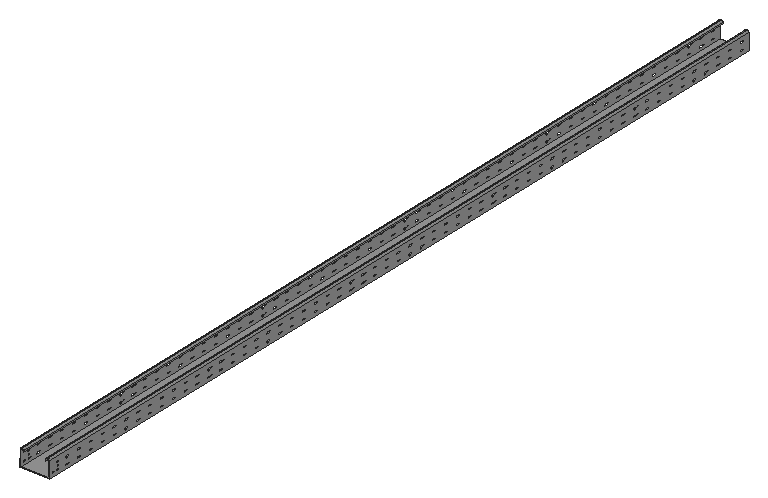
Revit family "Kabelrinne_rksm_A2_610_615_620_630_640_650_660", category Generic Models, Revit 2017 (continued)
Dimensions and locks
  cut or joined group 1 (Extrusion 1, Extrusion 5, Extrusion 8, Extrusion 10, Extrusion 11, Extrusion 13, Extrusion 14, Extrusion 15, Extrusion 16, Extrusion 17, Extrusion 18, Extrusion 19, Extrusion 20, Extrusion 21, Extrusion 22, Extrusion 23, Extrusion 24, Extrusion 25, Extrusion 26, Extrusion 27, Extrusion 28, Extrusion 29, Extrusion 30, Extrusion 31, Extrusion 32, Extrusion 33, Extrusion 34, Extrusion 35, Extrusion 36, Extrusion 37, Extrusion 38, Extrusion 39, Extrusion 40, Extrusion 41, Extrusion 42, Extrusion 43, Extrusion 44, Extrusion 45, Extrusion 46, Extrusion 47, Extrusion 48, Extrusion 49, Extrusion 50, Extrusion 51, Extrusion 52, Extrusion 53, Extrusion 54, Extrusion 55, Extrusion 56, Extrusion 57, Extrusion 58, Extrusion 59, Extrusion 60, Extrusion 61, Extrusion 62, Extrusion 63, Extrusion 64, Extrusion 65, Extrusion 66, Extrusion 67, Extrusion 68, Extrusion 69, Extrusion 70, Extrusion 71, Extrusion 72, Extrusion 73, Extrusion 74, Extrusion 75, Extrusion 76, Extrusion 77, Extrusion 78, Extrusion 79, Extrusion 80, Extrusion 81, Extrusion 82, Extrusion 83, Extrusion 84, Extrusion 85, Extrusion 86, Extrusion 87, Extrusion 88, Extrusion 89, Extrusion 90, Extrusion 91, Extrusion 92, Extrusion 93, Extrusion 94, Extrusion 95, Extrusion 96, Extrusion 97, Extrusion 98, Extrusion 99, Extrusion 100, Extrusion 101, Extrusion 102, Extrusion 103, Extrusion 104, Extrusion 105, Extrusion 106, Extrusion 107, Extrusion 108, Extrusion 109, Extrusion 110, Extrusion 111, Extrusion 112, Extrusion 113, Extrusion 114, Extrusion 115, Extrusion 116, Extrusion 117, Extrusion 118, Extrusion 119, Extrusion 120, Extrusion 121, Extrusion 122, Extrusion 123, Extrusion 124, Extrusion 125, Extrusion 126, Extrusion 127, Extrusion 128, Extrusion 129, Extrusion 130, Extrusion 131, Extrusion 132, Extrusion 133, Extrusion 134, Extrusion 135, Extrusion 136, Extrusion 137, Extrusion 138, Extrusion 139, Extrusion 140, Extrusion 141, Extrusion 142, Extrusion 143, Extrusion 144, Extrusion 145, Extrusion 146, Extrusion 147, Extrusion 148, Extrusion 149, Extrusion 150, Extrusion 151, Extrusion 152, Extrusion 153, Extrusion 154, Extrusion 155, Extrusion 156, Extrusion 157, Extrusion 158, Extrusion 159, Extrusion 160, Extrusion 161, Extrusion 162, Extrusion 163, Extrusion 164, Extrusion 165, Extrusion 166, Extrusion 167, Extrusion 168, Extrusion 169, Extrusion 170, Extrusion 171, Extrusion 172, Extrusion 173, Extrusion 174, Extrusion 175, Extrusion 176, Extrusion 177, Extrusion 178, Extrusion 179, Extrusion 180, Extrusion 181, Extrusion 182, Extrusion 183, Extrusion 184, Extrusion 185, Extrusion 186, Extrusion 187, Extrusion 188, Extrusion 189, Extrusion 190, Extrusion 191, Extrusion 192, Extrusion 193, Extrusion 194, Extrusion 195, Extrusion 196, Extrusion 197, Extrusion 198, Extrusion 199, Extrusion 200, Extrusion 201, Extrusion 202, Extrusion 203, Extrusion 204, Extrusion 205, Extrusion 206, Extrusion 207, Extrusion 208, Extrusion 209, Extrusion 210, Extrusion 211, Extrusion 212, Extrusion 213, Extrusion 214, Extrusion 215, Extrusion 216, Extrusion 217, Extrusion 218, Extrusion 219, Extrusion 220, Extrusion 221, Extrusion 222, Extrusion 223, Extrusion 224, Extrusion 225, Extrusion 226, Extrusion 227, Extrusion 228, Extrusion 229, Extrusion 230, Extrusion 231, Extrusion 232, Extrusion 233, Extrusion 234, Extrusion 235, Extrusion 236, Extrusion 237, Extrusion 238, Extrusion 239, Extrusion 240, Extrusion 241, Extrusion 242, Extrusion 243, Extrusion 244, Extrusion 245, Extrusion 246, Extrusion 247, Extrusion 248, Extrusion 249, Extrusion 250, Extrusion 251, Extrusion 252, Extrusion 253, Extrusion 254, Extrusion 255, Extrusion 256, Extrusion 257, Extrusion 258, Extrusion 259, Extrusion 260, Extrusion 261, Extrusion 262, Extrusion 263, Extrusion 264, Extrusion 265, Extrusion 266, Extrusion 267, Extrusion 268, Extrusion 269, Extrusion 270, Extrusion 271, Extrusion 272, Extrusion 273, Extrusion 274, Extrusion 275, Extrusion 276, Extrusion 277) to cut or joined group 1 = 32.5 mm  (x3)
  locked: cut or joined group 1 to cut or joined group 1 at 96.18
  equal spacing: group 356, group 357, group 358, group 359, group 360, group 361, group 362, group 363, group 364, group 365, group 366, group 367, group 368, group 369, group 370, group 371, group 372, group 373, group 374, group 375, group 376, group 377, group 378, group 379, group 380, group 381, group 382, group 383, group 384  (x3)
  locked: cut or joined group 1 to cut or joined group 1 at 196.18
  locked: cut or joined group 1 to cut or joined group 1 at 296.18
  locked: Extrusion 270 sketch curve to Extrusion 270 sketch curve at 7
  locked: cut or joined group 1 to cut or joined group 1 at 9  (x2)
  locked: cut or joined group 1 to cut or joined group 1 at 23  (x2)
  locked: cut or joined group 1 to Extrusion 271 sketch curve at 9
  cut or joined group 1 to Extrusion 271 sketch curve = 28 mm
